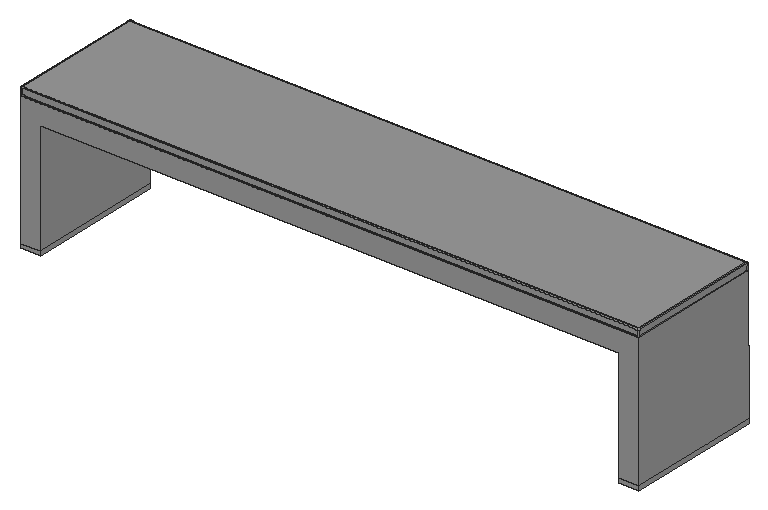
Revit family "Cocoon Community Bench 18x17x77", category Generic Models, Revit 2018
Family settings
  Can host rebar = No
  Round Connector Dimension = Use Diameter
  Part Type = Normal
  Work Plane-Based = No
  Always vertical = Yes
  Cut with Voids When Loaded = No
  Shared = No
  Room Calculation Point = No
Parameters
  Frame = Cocoon Community Bench 18x17x77 Frame
  Seat Fabric = Cocoon Community Bench 18x17x77 Fabric
Reference planes (in)
  plane 1 "Center (Front/Back)": y = 0
  plane 2: z = 0
  plane 3 "Center (Left/Right)": x = 0
Forms (in)
  Extrusion 1, solid, material "Cocoon Community Bench 18x17x77 Frame" <- "Frame"
    sketch origin (0, 0, 0) x (1, 0, 0) y (0, 0, 1)
      loop
        line (-38.5, 0.5) -> (-38.5, 0) -> (-36, 0) -> (-36, 0.5) -> (-38.5, 0.5)
      loop
        line (36, 0.5) -> (36, 0) -> (38.5, 0) -> (38.5, 0.5) -> (36, 0.5)
    from -8.5 to 8.5
  Extrusion 2, solid, material "Cocoon Community Bench 18x17x77 Fabric" <- "Seat Fabric"
    sketch origin (0, 0, 0) x (1, 0, 0) y (0, 1, 0)
      loop
        arc (-38.33473, 8.375) -> (-38.3632, 8.3632) -> (-38.375, 8.33473) r 0.04027
        line (-38.375, 8.33473) -> (-38.375, -8.33473)
        arc (-38.375, -8.33473) -> (-38.3632, -8.3632) -> (-38.33473, -8.375) r 0.04027
        line (-38.33473, -8.375) -> (38.33473, -8.375)
        arc (38.33473, -8.375) -> (38.3632, -8.3632) -> (38.375, -8.33473) r 0.04027
        line (38.375, -8.33473) -> (38.375, 8.33473)
        arc (38.375, 8.33473) -> (38.3632, 8.3632) -> (38.33473, 8.375) r 0.04027
        line (38.33473, 8.375) -> (-38.33473, 8.375)
    from 18 to 17
  Sweep 3, solid, material "Cocoon Community Bench 18x17x77 Fabric" <- "Seat Fabric"
    path origin (0, 0, 0) x (1, 0, 0) y (0, 1, 0)
      loop
        line (-38.33473, -8.375) -> (38.33473, -8.375)
        arc (38.33473, -8.375) -> (38.3632, -8.3632) -> (38.375, -8.33473) r 0.04027
        line (38.375, -8.33473) -> (38.375, 8.33473)
        arc (38.375, 8.33473) -> (38.3632, 8.3632) -> (38.33473, 8.375) r 0.04027
        line (38.33473, 8.375) -> (-38.33473, 8.375)
        arc (-38.33473, 8.375) -> (-38.3632, 8.3632) -> (-38.375, 8.33473) r 0.04027
        line (-38.375, 8.33473) -> (-38.375, -8.33473)
        arc (-38.375, -8.33473) -> (-38.3632, -8.3632) -> (-38.33473, -8.375) r 0.04027
    profile origin (0, -8.375, 0) x (0, 1, 0) y (0, 0, 1)
      loop
        arc (-0.125, 17.125) -> (-0.08839, 17.03661) -> (0, 17) r 0.125
        line (0, 17) -> (0, 18)
        arc (0, 18) -> (-0.08839, 17.96339) -> (-0.125, 17.875) r 0.125
        line (-0.125, 17.875) -> (-0.125, 17.125)
  Extrusion 4, solid, material "Cocoon Community Bench 18x17x77 Frame" <- "Frame"
    sketch origin (0, 0, 0) x (1, 0, 0) y (0, 0, 1)
      loop
        line (-38.5, 0.5) -> (-36, 0.5) -> (-36, 14.5) -> (36, 14.5) -> (36, 0.5) -> (38.5, 0.5) -> (38.5, 17) -> (-38.5, 17) -> (-38.5, 0.5)
    from -8.5 to 8.5
Dimensions and locks (in)
  aligned and locked: plane 2 to level
